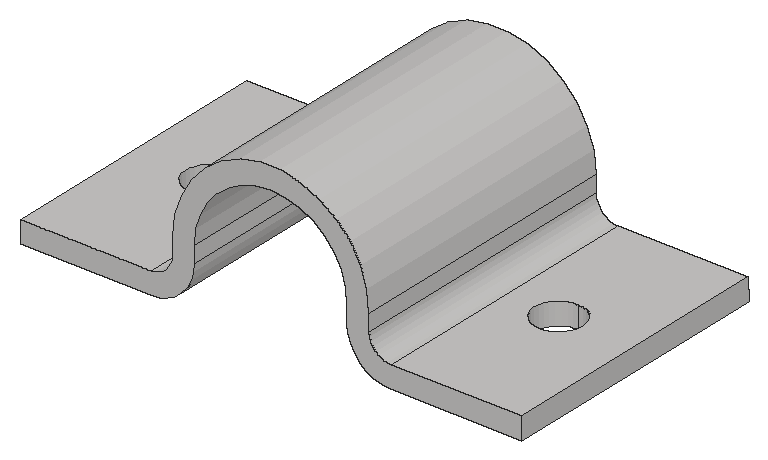
Revit family "Pipe-Strap-Atkore-Single-Piece-P2558-05", category Specialty Equipment, Revit 2012
Parameters (values of type "P2558-05")
  ecoScorecard_data = ""
  ecoScorecard Product Page = ""
  Unit = Metal - Aluminum - Atkore - Electro - Galvanized
  URL = "http://unistrut.us/index.php"
  Thickness = 3.20 mm
  Subcategory = "Pipe Strap"  # constant formula
  Product Page URL = ""
  Part Type = "Strap"  # constant formula
  Part Number = "P2558-05"
  Overall Width = 73.00 mm
  Overall Height = 23.019 mm
  Overall Depth = 41.275 mm
  Outer Diameter = 14.70 mm  # constant formula
  Model = "P2558-05"  # constant formula
  Material = "Multiple Options - See Catalog"
  Manufacturer Toll Free Phone = "800-882-5543"  # constant formula
  Manufacturer Phone = "708-339-1610"  # constant formula
  Manufacturer Fax = "708-339-7814"  # constant formula
  Manufacturer Email = "mailto:questions@atkore.com"
  Manufacturer Address = "16100 South Lathrop Avenue, Harvey, IL 60426"  # constant formula
  Manufacturer = "Unistrut by Atkore International"  # constant formula
  Load Capacity Note = "Visit the product page for load application and capacity."  # constant formula
  Literature URL = ""
  Description = "Single Piece Pipe Strap"  # constant formula
  Cost Info = "mailto:questions@atkore.com"
  Construction Note = ""
  Conduit Size = 9.50 mm  # constant formula
  CSI MasterSpec = ""
  CAD URL = ""
  Assembly Code = "D5090300"
  95 CSI = "16070"  # constant formula
  04 CSI = "26 05 48"  # constant formula
Reference planes
  plane 1 "Center (Front/Back)": y = 0
  plane 2: z = 0
  plane 3 "Center (Left/Right)": x = 0
  plane 4: y = 20.637
  plane 5: y = -20.637
  plane 6: x = -36.5
  plane 7: x = 36.5
  plane 8: z = 23.019
  plane 9: x = -25.4
Dimensions and locks
  equal spacing: plane 4, plane 1 "Center (Front/Back)", plane 5
  "Overall Height": plane 8 to level
  "Overall Depth": plane 4 to plane 5
  "Overall Width": plane 6 to plane 7
  equal spacing: plane 6, plane 3 "Center (Left/Right)", plane 7
  plane 6 to plane 9 = 11.10 mm
  aligned and locked: level to plane 2
  aligned and locked: plane 3 "Center (Left/Right)" to nested 1
  aligned and locked: plane 1 "Center (Front/Back)" to nested 1
Nested families
  nested 1: "P2558-05" at (0, 0, 0), type "P2558-05"
Definition of nested family "P2558-05"
  Parameters (values of type "P1431")
    Unit = none
    Default Elevation = 0.00 mm
    C = 11.10 mm
    B = 7.10 mm
    A = 73.025 mm
  Reference planes
    plane 1 "Center (Front/Back)": y = 0
    plane 2: z = 0
    plane 3 "Center (Left/Right)": x = 0
    plane 4: y = -20.638
    plane 5: x = -36.512
    plane 6: x = 36.512
    plane 7: y = 20.637
    plane 8: z = 23.019
    plane 9: x = -17.462
    plane 10: z = 3.2
    plane 11: x = -29.412
  Forms (mm)
    Sweep 1, solid, material <- "Unit"
      path origin (0, 0, 0) x (1, 0, 0) y (0, 1, 0)
        loop
          line (0, 20.637) -> (0, -20.638)
      profile origin (0, 0, 0) x (1, 0, 0) y (0, 0, 1)
        loop
          arc (14.287, 8.731) -> (0, 23.019) -> (-14.288, 8.731) r 14.287
          line (-14.288, 8.731) -> (-14.288, 6.35)
          arc (-14.288, 6.35) -> (-15.217, 4.105) -> (-17.463, 3.175) r 3.175
          line (-17.463, 3.175) -> (-17.462, 0)
          arc (-17.462, 0) -> (-12.972, 1.86) -> (-11.113, 6.35) r 6.35
          line (-11.113, 6.35) -> (-11.113, 8.731)
          arc (-11.113, 8.731) -> (0, 19.844) -> (11.112, 8.731) r 11.112
          line (11.112, 8.731) -> (11.112, 6.35)
          arc (11.112, 6.35) -> (12.972, 1.86) -> (17.462, 0) r 6.35
          line (17.462, 0) -> (17.462, 3.175)
          arc (17.462, 3.175) -> (15.217, 4.105) -> (14.287, 6.35) r 3.175
          line (14.287, 6.35) -> (14.287, 8.731)
    Sweep 2, solid, material <- "Unit"
      path origin (0, 0, 0) x (1, 0, 0) y (0, 0, 1)
        loop
          line (-27.754, 3.175) -> (-27.754, 0)
      profile origin (-27.754, 0, 1.588) x (0, -1, 0) y (1, 0, 0)
        loop
          line (-20.638, -8.758) -> (20.637, -8.758) -> (20.637, 10.292) -> (-20.638, 10.292) -> (-20.638, -8.758)
        loop
          circle (0, 2.354) r 3.572
    Sweep 3, solid, material <- "Unit"
      path origin (0, 0, 0) x (-1, 0, 0) y (0, 0, 1)
        loop
          line (-27.754, 3.175) -> (-27.754, 0)
      profile origin (27.754, 0, 1.588) x (0, -1, 0) y (1, 0, 0)
        loop
          line (-20.638, 8.758) -> (-20.638, -10.292) -> (20.637, -10.292) -> (20.637, 8.758) -> (-20.638, 8.758)
        loop
          circle (0, -2.354) r 3.572
  Cuts and joins
    joined: Sweep 1, Sweep 2, Sweep 3
  Dimensions and locks
    equal spacing: plane 5, plane 3 "Center (Left/Right)", plane 6
    equal spacing: plane 4, plane 1 "Center (Front/Back)", plane 7
    "A": plane 6 to plane 5
    plane 10 to level = 3.20 mm
    plane 5 to plane 11 = 7.10 mm
    aligned and locked: plane 2 to level
    aligned and locked: plane 7 to Sweep 1 sketch curve
    aligned and locked: plane 4 to Sweep 1 sketch curve
  Automatic sketch dimensions
    Sweep 1 sketch curve to plane 3 "Center (Left/Right)" = 0.00 mm
    Sweep 1 sketch curve to Sweep 1 sketch curve = 0.00 mm  (x6)
    Sweep 1 sketch curve to level = 0.00 mm  (x2)
    profile plane to Sweep 1 sketch curve = 0.00 mm
    profile plane to Sweep 1 sketch curve = 11.113 mm
    Sweep 1 sketch curve to Sweep 1 sketch curve = 3.175 mm  (x3)
    Sweep 1 sketch curve to Sweep 1 sketch curve = 2.381 mm
    Sweep 2 sketch curve to level = 0.00 mm
    plane 5 to Sweep 2 sketch curve = 8.758 mm
    plane 10 to Sweep 2 sketch curve = 0.025 mm
    plane 1 "Center (Front/Back)" to Sweep 2 sketch curve = 0.00 mm
    profile plane to Sweep 2 sketch curve = 8.758 mm
    Sweep 2 sketch curve to plane 1 "Center (Front/Back)" = 20.638 mm
    plane 1 "Center (Front/Back)" to Sweep 2 sketch curve = 20.637 mm
    Sweep 2 sketch curve to profile plane = 2.354 mm
    Sweep 2 sketch curve to profile plane = 10.292 mm
    Sweep 3 sketch curve to level = 0.00 mm
    plane 6 to Sweep 3 sketch curve = 8.758 mm
    Sweep 3 sketch curve to plane 10 = 0.025 mm
    plane 1 "Center (Front/Back)" to Sweep 3 sketch curve = 0.00 mm
    Sweep 3 sketch curve to profile plane = 8.758 mm
    Sweep 3 sketch curve to plane 1 "Center (Front/Back)" = 20.638 mm
    plane 1 "Center (Front/Back)" to Sweep 3 sketch curve = 20.637 mm
    profile plane to Sweep 3 sketch curve = 2.354 mm
    profile plane to Sweep 3 sketch curve = 10.292 mm
    radius of Sweep 2 sketch curve = 3.572 mm
    radius of Sweep 3 sketch curve = 3.572 mm
